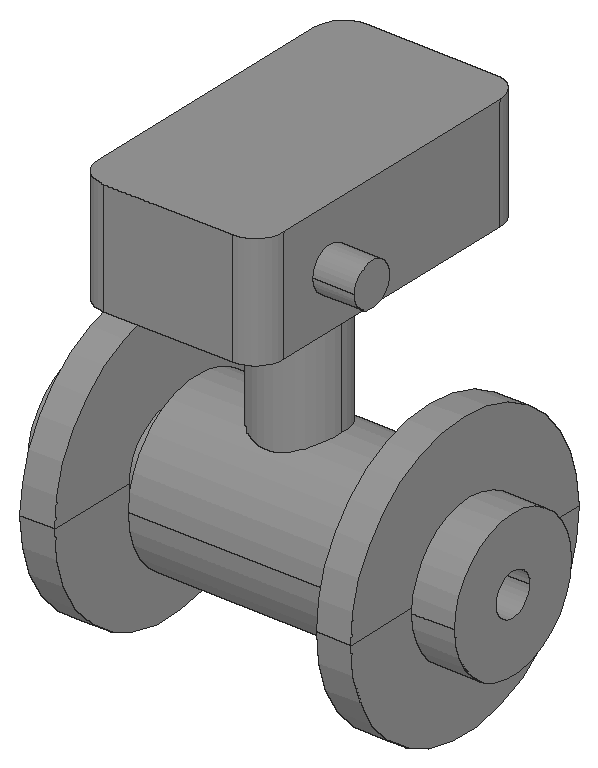
Revit family "ВИРС-М фланцевый DN15-200, PN25", category Арматура трубопроводов, Revit 2015
Parameters (values of type "Счётчик-расходомер электромагнитный (фланцевый) ВИРС-М DN15, PN25, серия 1000")
  Ширина привода = 65 mm  # constant formula
  Толщина фланца = if(DN = 15 mm, 12 mm, if(DN = 20 mm, 14 mm, if(DN = 25 mm, 16 mm, if(DN = 32 mm, 16 mm, if(DN = 40 mm, 17 mm, if(DN = 50 mm, 19 mm, if(DN = 65 mm, 21 mm, if(DN = 80 mm, 21 mm, if(DN = 100 mm, 23 mm, if(DN = 125 mm, 25 mm, if(DN = 150 mm, 25 mm, if(DN = 200 mm, 27 mm, if(DN = 250 mm, 28 mm, if(DN = 300 mm, 28 mm, 69 mm))))))))))))))  # 12 mm
  Толщина зеркала = if(DN < 33 mm, 2 mm, if(DN < 251 mm, 3 mm, if(DN < 350 mm, 4 mm, 69 mm)))  # 2 mm
  Тип, марка = Обозначение  # "ВИРС-М-15-Ф-25-55-232-1000-200"
  Степень защиты = if(Серия = 1000, "IP55", if(Серия = 2000, "IP55", if(Серия = 1100, "IP55", if(Серия = 2100, "IP55", if(Серия = 1300, "IP57", if(Серия = 2300, "IP57", if(Серия = 1500, "IP57", if(Серия = 2500, "IP57", "69"))))))))  # "IP55"
  Скругления привода = 20 mm  # constant formula
  Серия = if(Исполнение = 1, 1000, if(Исполнение = 2, 2000, if(Исполнение = 3, 1100, if(Исполнение = 4, 2100, if(Исполнение = 5, 1300, if(Исполнение = 6, 2300, if(Исполнение = 7, 1500, if(Исполнение = 8, 2500, 69))))))))  # 1000
  Расстояние до провода = 30 mm  # constant formula
  Потребляемая мощность = if(Серия = 1000, 4.5 W, if(Серия = 2000, 4.5 W, if(Серия = 1100, 4.5 W, if(Серия = 2100, 4.5 W, if(Серия = 1300, 4.5 W, if(Серия = 2300, 4.5 W, if(Серия = 1500, 7 W, if(Серия = 2500, 7 W, 69 W))))))))  # 4.5 W
  Description = ""
  Строительная длина = if(DN = 15 mm, 150 mm, if(DN = 20 mm, 150 mm, if(DN = 25 mm, 150 mm, if(DN = 32 mm, 200 mm, if(DN = 40 mm, 200 mm, if(DN = 50 mm, 200 mm, if(DN = 65 mm, 200 mm, if(DN = 80 mm, 250 mm, if(DN = 100 mm, 250 mm, if(DN = 150 mm, 300 mm, if(DN = 200 mm, 350 mm, 69 mm)))))))))))  # 150 mm
  Строительная высота = if(DN = 15 mm, 170 mm, if(DN = 20 mm, 180 mm, if(DN = 25 mm, 190 mm, if(DN = 32 mm, 210 mm, if(DN = 40 mm, 220 mm, if(DN = 50 mm, 230 mm, if(DN = 65 mm, 250 mm, if(DN = 80 mm, 260 mm, if(DN = 100 mm, 270 mm, if(DN = 150 mm, 375 mm, if(DN = 200 mm, 375 mm, 69 mm)))))))))))  # 170 mm
  Обозначение = "ВИРС-М-15-Ф-25-55-232-1000-200"
  Номинальное давление PN = if(Исполнение PN = 1, 1.6 MPa, if(Исполнение PN = 2, 2.5 MPa, 69.0 MPa))  # 2.5 MPa
  Наименование = "Счётчик-расходомер электромагнитный"  # constant formula
  Минимальный расход = if(and(Серия = 1000, DN = 15 mm), 0.01 m³/h, if(and(Серия = 1000, DN = 20 mm), 0.016 m³/h, if(and(Серия = 1000, DN = 25 mm), 0.025 m³/h, if(and(Серия = 1000, DN = 32 mm), 0.04 m³/h, if(and(Серия = 1000, DN = 40 mm), 0.06 m³/h, if(and(Серия = 1000, DN = 50 mm), 0.1 m³/h, if(and(Серия = 1000, DN = 65 mm), 0.16 m³/h, if(and(Серия = 1000, DN = 80 mm), 0.25 m³/h, if(and(Серия = 1000, DN = 100 mm), 0.4 m³/h, if(and(Серия = 1000, DN = 150 mm), 0.6 m³/h, if(and(Серия = 1000, DN = 200 mm), 1.0 m³/h, if(and(Серия = 1100, DN = 15 mm), 0.02 m³/h, if(and(Серия = 1100, DN = 20 mm), 0.032 m³/h, if(and(Серия = 1100, DN = 25 mm), 0.05 m³/h, if(and(Серия = 1100, DN = 32 mm), 0.08 m³/h, if(and(Серия = 1100, DN = 40 mm), 0.13 m³/h, if(and(Серия = 1100, DN = 50 mm), 0.2 m³/h, if(and(Серия = 1100, DN = 65 mm), 0.32 m³/h, if(and(Серия = 1100, DN = 80 mm), 0.5 m³/h, if(and(Серия = 1100, DN = 100 mm), 0.8 m³/h, if(and(Серия = 1100, DN = 150 mm), 1.3 m³/h, if(and(Серия = 1100, DN = 200 mm), 2.0 m³/h, if(and(Серия = 1300, DN = 15 mm), 0.05 m³/h, if(and(Серия = 1300, DN = 20 mm), 0.079 m³/h, if(and(Серия = 1300, DN = 25 mm), 0.13 m³/h, if(and(Серия = 1300, DN = 32 mm), 0.2 m³/h, if(and(Серия = 1300, DN = 40 mm), 0.31 m³/h, if(and(Серия = 1300, DN = 50 mm), 0.5 m³/h, if(and(Серия = 1300, DN = 65 mm), 0.79 m³/h, if(and(Серия = 1300, DN = 80 mm), 1.3 m³/h, if(and(Серия = 1300, DN = 100 mm), 2.0 m³/h, if(and(Серия = 1300, DN = 150 mm), 3.1 m³/h, if(and(Серия = 1300, DN = 200 mm), 5.0 m³/h, if(and(Серия = 1500, DN = 15 mm), 0.2 m³/h, if(and(Серия = 1500, DN = 20 mm), 0.3 m³/h, if(and(Серия = 1500, DN = 25 mm), 0.5 m³/h, if(and(Серия = 1500, DN = 32 mm), 0.8 m³/h, if(and(Серия = 1500, DN = 40 mm), 1.3 m³/h, if(and(Серия = 1500, DN = 50 mm), 2.0 m³/h, if(and(Серия = 1500, DN = 65 mm), 3.2 m³/h, if(and(Серия = 1500, DN = 80 mm), 5.0 m³/h, if(and(Серия = 1500, DN = 100 mm), 8.0 m³/h, if(and(Серия = 1500, DN = 150 mm), 13.0 m³/h, if(and(Серия = 1500, DN = 200 mm), 20.0 m³/h, if(and(Серия = 2000, DN = 15 mm), 0.013 m³/h, if(and(Серия = 2000, DN = 20 mm), 0.02 m³/h, if(and(Серия = 2000, DN = 25 mm), 0.03 m³/h, if(and(Серия = 2000, DN = 32 mm), 0.05 m³/h, if(and(Серия = 2000, DN = 40 mm), 0.08 m³/h, if(and(Серия = 2000, DN = 50 mm), 0.13 m³/h, if(and(Серия = 2000, DN = 65 mm), 0.2 m³/h, if(and(Серия = 2000, DN = 80 mm), 0.32 m³/h, if(and(Серия = 2000, DN = 100 mm), 0.5 m³/h, if(and(Серия = 2000, DN = 150 mm), 0.8 m³/h, if(and(Серия = 2000, DN = 200 mm), 1.3 m³/h, if(and(Серия = 2100, DN = 15 mm), 0.025 m³/h, if(and(Серия = 2100, DN = 20 mm), 0.04 m³/h, if(and(Серия = 2100, DN = 25 mm), 0.064 m³/h, if(and(Серия = 2100, DN = 32 mm), 0.1 m³/h, if(and(Серия = 2100, DN = 40 mm), 0.16 m³/h, if(and(Серия = 2100, DN = 50 mm), 0.25 m³/h, if(and(Серия = 2100, DN = 65 mm), 0.4 m³/h, if(and(Серия = 2100, DN = 80 mm), 0.64 m³/h, if(and(Серия = 2100, DN = 100 mm), 1.0 m³/h, if(and(Серия = 2100, DN = 150 mm), 1.6 m³/h, if(and(Серия = 2100, DN = 200 mm), 2.5 m³/h, if(and(Серия = 2300, DN = 15 mm), 0.063 m³/h, if(and(Серия = 2300, DN = 20 mm), 0.1 m³/h, if(and(Серия = 2300, DN = 25 mm), 0.16 m³/h, if(and(Серия = 2300, DN = 32 mm), 0.25 m³/h, if(and(Серия = 2300, DN = 40 mm), 0.4 m³/h, if(and(Серия = 2300, DN = 50 mm), 0.63 m³/h, if(and(Серия = 2300, DN = 65 mm), 1.0 m³/h, if(and(Серия = 2300, DN = 80 mm), 1.6 m³/h, if(and(Серия = 2300, DN = 100 mm), 2.5 m³/h, if(and(Серия = 2300, DN = 150 mm), 4.0 m³/h, if(and(Серия = 2300, DN = 200 mm), 6.3 m³/h, if(and(Серия = 2500, DN = 15 mm), 0.25 m³/h, if(and(Серия = 2500, DN = 20 mm), 0.4 m³/h, if(and(Серия = 2500, DN = 25 mm), 0.64 m³/h, if(and(Серия = 2500, DN = 32 mm), 1.0 m³/h, if(and(Серия = 2500, DN = 40 mm), 1.6 m³/h, if(and(Серия = 2500, DN = 50 mm), 2.5 m³/h, if(and(Серия = 2500, DN = 65 mm), 4.0 m³/h, if(and(Серия = 2500, DN = 80 mm), 6.4 m³/h, if(and(Серия = 2500, DN = 100 mm), 10.0 m³/h, if(and(Серия = 2500, DN = 150 mm), 16.0 m³/h, if(and(Серия = 2500, DN = 200 mm), 25.0 m³/h, 69.0 m³/h))))))))))))))))))))))))))))))))))))))))))))))))))))))))))))))))))))))))))))))))))))))))  # 0.01 m³/h
  Материал и цвет привода ППР = Пластик, серый
  Материал и цвет ППР = Сталь, белый
  Масса = if(DN = 15 mm, 3.10 kg, if(DN = 20 mm, 3.20 kg, if(DN = 25 mm, 3.60 kg, if(DN = 32 mm, 4.20 kg, if(DN = 40 mm, 5.30 kg, if(DN = 50 mm, 6.80 kg, if(DN = 65 mm, 11.00 kg, if(DN = 80 mm, 14.00 kg, if(DN = 100 mm, 18.00 kg, if(DN = 125 mm, 55.00 kg, if(DN = 150 mm, 31.00 kg, if(DN = 200 mm, 34.00 kg, if(DN = 250 mm, 230.00 kg, if(DN = 300 mm, 360.00 kg, 69.00 kg))))))))))))))  # 3.10 kg
  Максимальный расход = if(and(Серия = 1000, DN = 15 mm), 5.0 m³/h, if(and(Серия = 1000, DN = 20 mm), 7.9 m³/h, if(and(Серия = 1000, DN = 25 mm), 12.5 m³/h, if(and(Серия = 1000, DN = 32 mm), 20.0 m³/h, if(and(Серия = 1000, DN = 40 mm), 31.3 m³/h, if(and(Серия = 1000, DN = 50 mm), 50.0 m³/h, if(and(Серия = 1000, DN = 65 mm), 78.8 m³/h, if(and(Серия = 1000, DN = 80 mm), 125.0 m³/h, if(and(Серия = 1000, DN = 100 mm), 200.0 m³/h, if(and(Серия = 1000, DN = 150 mm), 312.5 m³/h, if(and(Серия = 1000, DN = 200 mm), 500.0 m³/h, if(and(Серия = 1100, DN = 15 mm), 5.0 m³/h, if(and(Серия = 1100, DN = 20 mm), 7.9 m³/h, if(and(Серия = 1100, DN = 25 mm), 12.5 m³/h, if(and(Серия = 1100, DN = 32 mm), 20.0 m³/h, if(and(Серия = 1100, DN = 40 mm), 31.3 m³/h, if(and(Серия = 1100, DN = 50 mm), 50.0 m³/h, if(and(Серия = 1100, DN = 65 mm), 78.8 m³/h, if(and(Серия = 1100, DN = 80 mm), 125.0 m³/h, if(and(Серия = 1100, DN = 100 mm), 200.0 m³/h, if(and(Серия = 1100, DN = 150 mm), 312.5 m³/h, if(and(Серия = 1100, DN = 200 mm), 500.0 m³/h, if(and(Серия = 1300, DN = 15 mm), 5.0 m³/h, if(and(Серия = 1300, DN = 20 mm), 7.9 m³/h, if(and(Серия = 1300, DN = 25 mm), 12.5 m³/h, if(and(Серия = 1300, DN = 32 mm), 20.0 m³/h, if(and(Серия = 1300, DN = 40 mm), 31.3 m³/h, if(and(Серия = 1300, DN = 50 mm), 50.0 m³/h, if(and(Серия = 1300, DN = 65 mm), 78.8 m³/h, if(and(Серия = 1300, DN = 80 mm), 125.0 m³/h, if(and(Серия = 1300, DN = 100 mm), 200.0 m³/h, if(and(Серия = 1300, DN = 150 mm), 312.5 m³/h, if(and(Серия = 1300, DN = 200 mm), 500.0 m³/h, if(and(Серия = 1500, DN = 15 mm), 5.0 m³/h, if(and(Серия = 1500, DN = 20 mm), 7.9 m³/h, if(and(Серия = 1500, DN = 25 mm), 12.5 m³/h, if(and(Серия = 1500, DN = 32 mm), 20.0 m³/h, if(and(Серия = 1500, DN = 40 mm), 31.3 m³/h, if(and(Серия = 1500, DN = 50 mm), 50.0 m³/h, if(and(Серия = 1500, DN = 65 mm), 78.8 m³/h, if(and(Серия = 1500, DN = 80 mm), 125.0 m³/h, if(and(Серия = 1500, DN = 100 mm), 200.0 m³/h, if(and(Серия = 1500, DN = 150 mm), 312.5 m³/h, if(and(Серия = 1500, DN = 200 mm), 500.0 m³/h, if(and(Серия = 2000, DN = 15 mm), 6.3 m³/h, if(and(Серия = 2000, DN = 20 mm), 10.0 m³/h, if(and(Серия = 2000, DN = 25 mm), 16.0 m³/h, if(and(Серия = 2000, DN = 32 mm), 25.0 m³/h, if(and(Серия = 2000, DN = 40 mm), 40.0 m³/h, if(and(Серия = 2000, DN = 50 mm), 63.0 m³/h, if(and(Серия = 2000, DN = 65 mm), 100.0 m³/h, if(and(Серия = 2000, DN = 80 mm), 160.0 m³/h, if(and(Серия = 2000, DN = 100 mm), 250.0 m³/h, if(and(Серия = 2000, DN = 150 mm), 400.0 m³/h, if(and(Серия = 2000, DN = 200 mm), 630.0 m³/h, if(and(Серия = 2100, DN = 15 mm), 6.3 m³/h, if(and(Серия = 2100, DN = 20 mm), 10.0 m³/h, if(and(Серия = 2100, DN = 25 mm), 16.0 m³/h, if(and(Серия = 2100, DN = 32 mm), 25.0 m³/h, if(and(Серия = 2100, DN = 40 mm), 40.0 m³/h, if(and(Серия = 2100, DN = 50 mm), 63.0 m³/h, if(and(Серия = 2100, DN = 65 mm), 100.0 m³/h, if(and(Серия = 2100, DN = 80 mm), 160.0 m³/h, if(and(Серия = 2100, DN = 100 mm), 250.0 m³/h, if(and(Серия = 2100, DN = 150 mm), 400.0 m³/h, if(and(Серия = 2100, DN = 200 mm), 630.0 m³/h, if(and(Серия = 2300, DN = 15 mm), 6.3 m³/h, if(and(Серия = 2300, DN = 20 mm), 10.0 m³/h, if(and(Серия = 2300, DN = 25 mm), 16.0 m³/h, if(and(Серия = 2300, DN = 32 mm), 25.0 m³/h, if(and(Серия = 2300, DN = 40 mm), 40.0 m³/h, if(and(Серия = 2300, DN = 50 mm), 63.0 m³/h, if(and(Серия = 2300, DN = 65 mm), 100.0 m³/h, if(and(Серия = 2300, DN = 80 mm), 160.0 m³/h, if(and(Серия = 2300, DN = 100 mm), 250.0 m³/h, if(and(Серия = 2300, DN = 150 mm), 400.0 m³/h, if(and(Серия = 2300, DN = 200 mm), 630.0 m³/h, if(and(Серия = 2500, DN = 15 mm), 6.3 m³/h, if(and(Серия = 2500, DN = 20 mm), 10.0 m³/h, if(and(Серия = 2500, DN = 25 mm), 16.0 m³/h, if(and(Серия = 2500, DN = 32 mm), 25.0 m³/h, if(and(Серия = 2500, DN = 40 mm), 40.0 m³/h, if(and(Серия = 2500, DN = 50 mm), 63.0 m³/h, if(and(Серия = 2500, DN = 65 mm), 100.0 m³/h, if(and(Серия = 2500, DN = 80 mm), 160.0 m³/h, if(and(Серия = 2500, DN = 100 mm), 250.0 m³/h, if(and(Серия = 2500, DN = 150 mm), 400.0 m³/h, if(and(Серия = 2500, DN = 200 mm), 630.0 m³/h, 69.0 m³/h))))))))))))))))))))))))))))))))))))))))))))))))))))))))))))))))))))))))))))))))))))))))  # 5.0 m³/h
  Максимальная температура среды = if(Серия = 1000, 150 °C, if(Серия = 2000, 150 °C, if(Серия = 1100, 150 °C, if(Серия = 2100, 150 °C, if(Серия = 1300, 90 °C, if(Серия = 2300, 90 °C, if(Серия = 1500, 90 °C, if(Серия = 2500, 90 °C, 69 °C))))))))  # 150 °C
  Класс точности = if(Серия = 1000, 2, if(Серия = 2000, 2, if(Серия = 1100, 1, if(Серия = 2100, 1, if(Серия = 1300, 0.5, if(Серия = 2300, 0.5, if(Серия = 1500, 0.25, if(Серия = 2500, 0.25, 69))))))))  # 2
  Исполнение PN = 2
  Исполнение = 1
  Интерфес (основной) = "RS 232"  # constant formula
  Изготовитель = "ООО \"ВОГЕЗЭНЕРГО\""
  Длина присоединения провода = 15 mm  # constant formula
  Длина по фланцам = Строительная длина - 30 mm  # 120 mm
  Материал и цвет остальных элементов = Сталь, неокрашенная
  Длина привода = 115 mm  # constant formula
  Длина корпуса = Длина по фланцам - 2 * Толщина зеркала - Толщина фланца * 2 - 20 mm  # 72 mm
  Диаметр штока = 30 mm  # constant formula
  Радиус фланца = Диаметр фланца / 2  # 50 mm
  Диаметр фланца = if(DN = 15 mm, 100 mm, if(DN = 20 mm, 110 mm, if(DN = 25 mm, 120 mm, if(DN = 32 mm, 135 mm, if(DN = 40 mm, 145 mm, if(DN = 50 mm, 160 mm, if(DN = 65 mm, 180 mm, if(DN = 80 mm, 195 mm, if(DN = 100 mm, 215 mm, if(DN = 125 mm, 245 mm, if(DN = 150 mm, 280 mm, if(DN = 200 mm, 335 mm, if(DN = 250 mm, 405 mm, if(DN = 300 mm, 460 mm, 69 mm))))))))))))))  # 100 mm
  Радиус условный = DN / 2  # 7.5 mm
  Диаметр условный DN = DN  # 15 mm
  Выходной сигнал = if(Серия = 1000, "числоимпульсный", if(Серия = 2000, "числоимпульсный", if(Серия = 1100, "числоимпульсный", if(Серия = 2100, "числоимпульсный", if(Серия = 1300, "частотный", if(Серия = 2300, "частотный", if(Серия = 1500, "частотный", if(Серия = 2500, "частотный", "69"))))))))  # "числоимпульсный"
  URL = "http://vogez.by/"
  DN = 15 mm
  Диаметр подключение провода = 15 mm  # constant formula
  Диаметр патрубка = DN + 20 mm  # 35 mm
  Диаметр корпуса = Диаметр фланца - 40 mm  # 60 mm
  Диаметр зеркала_2 = Диаметр зеркала / 2 - 5 mm  # 20.5 mm
  Диаметр зеркала = if(DN = 15 mm, 51 mm, if(DN = 20 mm, 60 mm, if(DN = 25 mm, 71 mm, if(DN = 32 mm, 82 mm, if(DN = 40 mm, 92 mm, if(DN = 50 mm, 107 mm, if(DN = 65 mm, 127 mm, if(DN = 80 mm, 139 mm, if(DN = 100 mm, 162 mm, if(DN = 125 mm, 190 mm, if(DN = 150 mm, 218 mm, if(DN = 200 mm, 274 mm, if(DN = 250 mm, 326 mm, if(DN = 300 mm, 378 mm, 69 mm))))))))))))))  # 51 mm
  Высота с приводом = Строительная высота - Радиус фланца  # 120 mm
  Высота основания привода = Высота с приводом - 40 mm  # 80 mm
  Видимость клапана = yes
Reference planes
  plane 1 "По центру (Вперед/Назад)": y = 0
  plane 2: z = 0
  plane 3 "По центру (Влево/Вправо)": x = 0
  plane 4: x = -60
  plane 5: x = 60
  plane 6: z = 80
  plane 7: z = 120
  plane 8: x = -32.5
  plane 9: x = 32.5
  plane 10: x = -32.5
  plane 11: x = 32.5
  plane 12: x = -75
  plane 13: x = 75
  plane 14: y = 57.5
  plane 15: y = -57.5
  plane 16: x = -36
  plane 17: x = 36
  plane 18: x = 47.5
  plane 19: z = 50
  plane 20: z = -50
Forms (mm)
  Revolve 1, solid, material "Сталь, белый" <- "Материал и цвет ППР", visible <- "Видимость клапана", detail levels fine
    sketch origin (0, 0, 0) x (1, 0, 0) y (0, 1, 0)
      loop
        line (-60, 20.5) -> (-60, 7.5) -> (-46, 7.5) -> (-46, 50) -> (-58, 50) -> (-58, 20.5) -> (-60, 20.5)
      loop
        line (60, 20.5) -> (58, 20.5) -> (58, 50) -> (46, 50) -> (46, 7.5) -> (60, 7.5) -> (60, 20.5)
      axis (-60, 0) -> (60, 0)
    angle from 0 to 360
  Extrusion 2, solid, material "Сталь, белый" <- "Материал и цвет ППР", visible <- "Видимость клапана", detail levels fine
    sketch origin (0, 0, 0) x (0, 1, 0) y (0, 0, 1)
      loop
        circle (0, 0) r 17.5
    from -46 to 46
  Extrusion 3, solid, material "Сталь, неокрашенная" <- "Материал и цвет остальных элементов", visible <- "Видимость клапана", detail levels fine
    sketch origin (0, 0, 0) x (0, 1, 0) y (0, 0, -1)
      loop
        circle (0, 0) r 25.5
      loop
        circle (0, 0) r 7.5
    from 60 to 75
  Extrusion 4, solid, material "Сталь, неокрашенная" <- "Материал и цвет остальных элементов", visible <- "Видимость клапана", detail levels fine
    sketch origin (0, 0, 0) x (0, 1, 0) y (0, 0, 1)
      loop
        circle (0, 0) r 25.5
      loop
        circle (0, 0) r 7.5
    from 60 to 75
  Extrusion 5, solid, material "Сталь, белый" <- "Материал и цвет ППР", visible <- "Видимость клапана", detail levels fine
    sketch origin (0, 0, 72) x (1, 0, 0) y (0, 1, 0)
      loop
        circle (0, 0) r 15
    from -72 to 8
  Extrusion 6, solid, material "Сталь, белый" <- "Материал и цвет ППР", visible <- "Видимость клапана", detail levels fine
    sketch origin (0, 0, 0) x (0, 1, 0) y (0, 0, 1)
      loop
        circle (0, 0) r 30
    from -36 to 36
  Extrusion 7, solid, material "Пластик, серый" <- "Материал и цвет привода ППР", visible <- "Видимость клапана", detail levels fine
    sketch origin (0, 0, 72) x (1, 0, 0) y (0, 1, 0)
      loop
        arc (-22.5, 57.5) -> (-29.571, 54.571) -> (-32.5, 47.5) r 10
        line (-32.5, 47.5) -> (-32.5, -47.5)
        arc (-32.5, -47.5) -> (-29.571, -54.571) -> (-22.5, -57.5) r 10
        line (-22.5, -57.5) -> (22.5, -57.5)
        arc (22.5, -57.5) -> (29.571, -54.571) -> (32.5, -47.5) r 10
        line (32.5, -47.5) -> (32.5, 47.5)
        arc (32.5, 47.5) -> (29.571, 54.571) -> (22.5, 57.5) r 10
        line (22.5, 57.5) -> (-22.5, 57.5)
    from 8 to 48
  Extrusion 8, solid, material "Пластик, серый" <- "Материал и цвет привода ППР", visible <- "Видимость клапана", detail levels fine
    sketch origin (0, 0, 0) x (0, 1, 0) y (0, 0, 1)
      loop
        circle (-27.5, 100) r 7.5
    from 32.5 to 47.5
Cuts and joins
  joined: Revolve 1, Extrusion 2, Extrusion 5, Extrusion 6
Lines and regions (mm)
  model lines, visible <- "Видимость клапана", detail levels coarse+medium
    curve 1: line (75, 0, 50) -> (-75, 0, 50)
    curve 2: line (75, 0, -50) -> (75, 0, 50)
    curve 3: line (-75, 0, -50) -> (75, 0, -50)
    curve 4: line (-75, 0, 50) -> (-75, 0, -50)
    curve 5: line (75, 0, -50) -> (-75, 0, 50)
Dimensions and locks
  equal spacing: plane 4, plane 3 "По центру (Влево/Вправо)", plane 5
  "Длина по фланцам": plane 4 to plane 5
  "Толщина зеркала": Revolve 1 sketch curve to Revolve 1 sketch curve  (x2)
  "Толщина фланца": Revolve 1 sketch curve to Revolve 1 sketch curve  (x2)
  "Радиус фланца": plane 1 "По центру (Вперед/Назад)" to Revolve 1 sketch curve  (x2)
  "Диаметр зеркала_2": plane 1 "По центру (Вперед/Назад)" to Revolve 1 sketch curve  (x2)
  "Радиус условный": plane 1 "По центру (Вперед/Назад)" to Revolve 1 sketch curve  (x2)
  "Высота основания привода": level to plane 6
  "Высота с приводом": level to plane 7
  equal spacing: plane 8, plane 3 "По центру (Влево/Вправо)", plane 9
  "Ширина привода": plane 8 to plane 9
  equal spacing: plane 12, plane 3 "По центру (Влево/Вправо)", plane 13
  "Строительная длина": plane 12 to plane 13
  equal spacing: plane 14, plane 1 "По центру (Вперед/Назад)", plane 15
  "Длина привода": plane 14 to plane 15
  equal spacing: plane 16, plane 3 "По центру (Влево/Вправо)", plane 17
  "Длина корпуса": plane 16 to plane 17
  equal spacing: plane 7, Extrusion 8 sketch curve, plane 6
  "Расстояние до провода": plane 15 to Extrusion 8 sketch curve
  "Длина присоединения провода": plane 11 to plane 18
  equal spacing: plane 20, level, plane 19
  "Диаметр фланца": plane 20 to plane 19
  "Диаметр патрубка": diameter of Extrusion 2 sketch curve
  "Диаметр зеркала": diameter of Extrusion 3 sketch curve
  "DN": diameter of Extrusion 3 sketch curve
  "Диаметр зеркала": diameter of Extrusion 4 sketch curve
  "DN": diameter of Extrusion 4 sketch curve
  "Диаметр штока": diameter of Extrusion 5 sketch curve
  "Диаметр корпуса": diameter of Extrusion 6 sketch curve
  "Скругления привода": diameter of Extrusion 7 sketch curve  (x4)
  "Диаметр подключение провода": diameter of Extrusion 8 sketch curve
  aligned and locked: level to plane 2
  aligned and locked: plane 4 to Revolve 1 sketch curve
  aligned and locked: plane 5 to Revolve 1 sketch curve
  aligned and locked: plane 1 "По центру (Вперед/Назад)" to Revolve 1 sketch curve
  aligned and locked: Revolve 1 to Extrusion 2
  aligned and locked: Extrusion 3 to plane 12
  aligned and locked: plane 4 to Extrusion 3
  aligned and locked: plane 13 to Extrusion 4
  aligned and locked: Extrusion 4 to plane 5
  aligned and locked: Extrusion 5 to level
  aligned and locked: plane 6 to Extrusion 5
  aligned and locked: plane 17 to Extrusion 6
  aligned and locked: Extrusion 6 to plane 16
  aligned and locked: Extrusion 7 to plane 8
  aligned and locked: plane 9 to Extrusion 7
  aligned and locked: plane 14 to Extrusion 7
  aligned and locked: Extrusion 7 to plane 15
  aligned and locked: plane 7 to Extrusion 7
  aligned and locked: Extrusion 7 to plane 6
  aligned and locked: Extrusion 8 to plane 9
  aligned and locked: Extrusion 8 to plane 18
  aligned and locked: Extrusion 2 to Revolve 1
Automatic sketch dimensions
  curve 5 to plane 12 = 0 mm
  curve 5 to plane 13 = 0 mm
  curve 3 to plane 20 = 0 mm
  curve 4 to plane 19 = 0 mm
  Revolve 1 sketch curve to plane 4 = 0 mm
  Revolve 1 sketch curve to plane 5 = 0 mm
  Extrusion 2 sketch curve to level = 0 mm
  Extrusion 2 sketch curve to plane 1 "По центру (Вперед/Назад)" = 0 mm
  Extrusion 3 sketch curve to Extrusion 3 sketch curve = 0 mm  (x2)
  Extrusion 3 sketch curve to level = 0 mm
  Extrusion 3 sketch curve to plane 1 "По центру (Вперед/Назад)" = 0 mm
  Extrusion 4 sketch curve to Extrusion 4 sketch curve = 0 mm  (x2)
  Extrusion 4 sketch curve to level = 0 mm
  Extrusion 4 sketch curve to plane 1 "По центру (Вперед/Назад)" = 0 mm
  plane 1 "По центру (Вперед/Назад)" to Extrusion 5 sketch curve = 0 mm
  Extrusion 5 sketch curve to plane 3 "По центру (Влево/Вправо)" = 0 mm
  Extrusion 6 sketch curve to level = 0 mm
  Extrusion 6 sketch curve to plane 1 "По центру (Вперед/Назад)" = 0 mm
  Extrusion 7 sketch curve to plane 8 = 0 mm
  Extrusion 7 sketch curve to plane 15 = 0 mm
  Extrusion 7 sketch curve to plane 14 = 0 mm
  Extrusion 7 sketch curve to plane 9 = 0 mm
Connectors
  piping at (75, 0, 0), diameter 15, driven by "DN"
    settings: on Extrusion 4, index 1, connector inside diameter 609.6 mm, connector length 0 mm, flow factor 0, pipe flow 0.0 m³/h, pressure drop 0.0 MPa, fitting loss kfactor 0, connector angle 0.00°, fixture units 0, engagement length 0 mm, angle of deflection 0.00°, flow configuration 0, flow direction 2, fitting loss method 0, system type 29, joint type 0, gender type 0, connector reference index 2, connector utility 0, adjustable connector no, is connector primary yes, connector description ""
  piping at (-75, 0, 0), diameter 15, driven by "DN"
    settings: on Extrusion 3, index 2, connector inside diameter 609.6 mm, connector length 0 mm, flow factor 0, pipe flow 0.0 m³/h, pressure drop 0.0 MPa, fitting loss kfactor 0, connector angle 0.00°, fixture units 0, engagement length 0 mm, angle of deflection 0.00°, flow configuration 0, flow direction 1, fitting loss method 0, system type 29, joint type 0, gender type 0, connector reference index 1, connector utility 0, adjustable connector no, is connector primary no, connector description ""
  electrical at (47.5, -27.5, 100)
    settings: on Extrusion 8, index 3, voltage 0 V, apparent load 0 VA, apparent load phase1 0 VA, apparent load phase2 0 VA, apparent load phase3 0 VA, power factor 1, load classification "Прочее", number of poles 1, system type 13, power factor state 1, is connector primary yes, connector utility no, sub classification motor no, connector description ""
Types (89, lengths in mm): name | Толщина фланца | Толщина зеркала | Тип, марка | Степень защиты | Серия | Потребляемая мощность | Строительная длина | Строительная высота | Обозначение | Минимальный расход | Масса | Максимальный расход | Максимальная температура среды | Класс точности | Исполнение | Длина по фланцам | Длина корпуса | Радиус фланца | Диаметр фланца | Радиус условный | Диаметр условный DN | Выходной сигнал | DN | Диаметр патрубка | Диаметр корпуса | Диаметр зеркала_2 | Диаметр зеркала | Высота с приводом | Высота основания привода
  (no name) | 12 | 2 | "ВИРС-М-15-Ф-25-55-232-1000-200" | "IP55" | 1000 | 4.5 W | 150 | 170 | "ВИРС-М-15-Ф-25-55-232-1000-200" | 0.01 m³/h | 3.10 kg | 5.0 m³/h | 150 °C | 2 | 1 | 120 | 72 | 50 | 100 | 7.5 | 15 | "числоимпульсный" | 15 | 35 | 60 | 20.5 | 51 | 120 | 80
  Счётчик-расходомер электромагнитный (фланцевый) ВИРС-М DN15, PN25, серия 1000 | 12 | 2 | "ВИРС-М-15-Ф-25-55-232-1000-200" | "IP55" | 1000 | 4.5 W | 150 | 170 | "ВИРС-М-15-Ф-25-55-232-1000-200" | 0.01 m³/h | 3.10 kg | 5.0 m³/h | 150 °C | 2 | 1 | 120 | 72 | 50 | 100 | 7.5 | 15 | "числоимпульсный" | 15 | 35 | 60 | 20.5 | 51 | 120 | 80
  Счётчик-расходомер электромагнитный (фланцевый) ВИРС-М DN15, PN25, серия 2000 | 12 | 2 | "ВИРС-М-15-Ф-25-55-232-2000-200" | "IP55" | 2000 | 4.5 W | 150 | 170 | "ВИРС-М-15-Ф-25-55-232-2000-200" | 0.013 m³/h | 3.10 kg | 6.3 m³/h | 150 °C | 2 | 2 | 120 | 72 | 50 | 100 | 7.5 | 15 | "числоимпульсный" | 15 | 35 | 60 | 20.5 | 51 | 120 | 80
  Счётчик-расходомер электромагнитный (фланцевый) ВИРС-М DN15, PN25, серия 1100 | 12 | 2 | "ВИРС-М-15-Ф-25-55-232-1100-100" | "IP55" | 1100 | 4.5 W | 150 | 170 | "ВИРС-М-15-Ф-25-55-232-1100-100" | 0.02 m³/h | 3.10 kg | 5.0 m³/h | 150 °C | 1 | 3 | 120 | 72 | 50 | 100 | 7.5 | 15 | "числоимпульсный" | 15 | 35 | 60 | 20.5 | 51 | 120 | 80
  Счётчик-расходомер электромагнитный (фланцевый) ВИРС-М DN15, PN25, серия 2100 | 12 | 2 | "ВИРС-М-15-Ф-25-55-232-2100-100" | "IP55" | 2100 | 4.5 W | 150 | 170 | "ВИРС-М-15-Ф-25-55-232-2100-100" | 0.025 m³/h | 3.10 kg | 6.3 m³/h | 150 °C | 1 | 4 | 120 | 72 | 50 | 100 | 7.5 | 15 | "числоимпульсный" | 15 | 35 | 60 | 20.5 | 51 | 120 | 80
  Счётчик-расходомер электромагнитный (фланцевый) ВИРС-М DN15, PN25, серия 1300 | 12 | 2 | "ВИРС-М-15-Ф-25-57-232-1300-050" | "IP57" | 1300 | 4.5 W | 150 | 170 | "ВИРС-М-15-Ф-25-57-232-1300-050" | 0.05 m³/h | 3.10 kg | 5.0 m³/h | 90 °C | 0.5 | 5 | 120 | 72 | 50 | 100 | 7.5 | 15 | "частотный" | 15 | 35 | 60 | 20.5 | 51 | 120 | 80
  Счётчик-расходомер электромагнитный (фланцевый) ВИРС-М DN15, PN25, серия 2300 | 12 | 2 | "ВИРС-М-15-Ф-25-57-232-2300-050" | "IP57" | 2300 | 4.5 W | 150 | 170 | "ВИРС-М-15-Ф-25-57-232-2300-050" | 0.063 m³/h | 3.10 kg | 6.3 m³/h | 90 °C | 0.5 | 6 | 120 | 72 | 50 | 100 | 7.5 | 15 | "частотный" | 15 | 35 | 60 | 20.5 | 51 | 120 | 80
  Счётчик-расходомер электромагнитный (фланцевый) ВИРС-М DN15, PN25, серия 1500 | 12 | 2 | "ВИРС-М-15-Ф-25-57-232-1500-025" | "IP57" | 1500 | 7 W | 150 | 170 | "ВИРС-М-15-Ф-25-57-232-1500-025" | 0.2 m³/h | 3.10 kg | 5.0 m³/h | 90 °C | 0.25 | 7 | 120 | 72 | 50 | 100 | 7.5 | 15 | "частотный" | 15 | 35 | 60 | 20.5 | 51 | 120 | 80
  Счётчик-расходомер электромагнитный (фланцевый) ВИРС-М DN15, PN25, серия 2500 | 12 | 2 | "ВИРС-М-15-Ф-25-57-232-2500-025" | "IP57" | 2500 | 7 W | 150 | 170 | "ВИРС-М-15-Ф-25-57-232-2500-025" | 0.25 m³/h | 3.10 kg | 6.3 m³/h | 90 °C | 0.25 | 8 | 120 | 72 | 50 | 100 | 7.5 | 15 | "частотный" | 15 | 35 | 60 | 20.5 | 51 | 120 | 80
  Счётчик-расходомер электромагнитный (фланцевый) ВИРС-М DN20, PN25, серия 1000 | 14 | 2 | "ВИРС-М-20-Ф-25-55-232-1000-200" | "IP55" | 1000 | 4.5 W | 150 | 180 | "ВИРС-М-20-Ф-25-55-232-1000-200" | 0.016 m³/h | 3.20 kg | 7.9 m³/h | 150 °C | 2 | 1 | 120 | 68 | 55 | 110 | 10 | 20 | "числоимпульсный" | 20 | 40 | 70 | 25 | 60 | 125 | 85
  Счётчик-расходомер электромагнитный (фланцевый) ВИРС-М DN20, PN25, серия 1100 | 14 | 2 | "ВИРС-М-20-Ф-25-55-232-1100-100" | "IP55" | 1100 | 4.5 W | 150 | 180 | "ВИРС-М-20-Ф-25-55-232-1100-100" | 0.032 m³/h | 3.20 kg | 7.9 m³/h | 150 °C | 1 | 3 | 120 | 68 | 55 | 110 | 10 | 20 | "числоимпульсный" | 20 | 40 | 70 | 25 | 60 | 125 | 85
  Счётчик-расходомер электромагнитный (фланцевый) ВИРС-М DN20, PN25, серия 1300 | 14 | 2 | "ВИРС-М-20-Ф-25-57-232-1300-050" | "IP57" | 1300 | 4.5 W | 150 | 180 | "ВИРС-М-20-Ф-25-57-232-1300-050" | 0.079 m³/h | 3.20 kg | 7.9 m³/h | 90 °C | 0.5 | 5 | 120 | 68 | 55 | 110 | 10 | 20 | "частотный" | 20 | 40 | 70 | 25 | 60 | 125 | 85
  Счётчик-расходомер электромагнитный (фланцевый) ВИРС-М DN20, PN25, серия 1500 | 14 | 2 | "ВИРС-М-20-Ф-25-57-232-1500-025" | "IP57" | 1500 | 7 W | 150 | 180 | "ВИРС-М-20-Ф-25-57-232-1500-025" | 0.3 m³/h | 3.20 kg | 7.9 m³/h | 90 °C | 0.25 | 7 | 120 | 68 | 55 | 110 | 10 | 20 | "частотный" | 20 | 40 | 70 | 25 | 60 | 125 | 85
  Счётчик-расходомер электромагнитный (фланцевый) ВИРС-М DN20, PN25, серия 2000 | 14 | 2 | "ВИРС-М-20-Ф-25-55-232-2000-200" | "IP55" | 2000 | 4.5 W | 150 | 180 | "ВИРС-М-20-Ф-25-55-232-2000-200" | 0.02 m³/h | 3.20 kg | 10.0 m³/h | 150 °C | 2 | 2 | 120 | 68 | 55 | 110 | 10 | 20 | "числоимпульсный" | 20 | 40 | 70 | 25 | 60 | 125 | 85
  Счётчик-расходомер электромагнитный (фланцевый) ВИРС-М DN20, PN25, серия 2100 | 14 | 2 | "ВИРС-М-20-Ф-25-55-232-2100-100" | "IP55" | 2100 | 4.5 W | 150 | 180 | "ВИРС-М-20-Ф-25-55-232-2100-100" | 0.04 m³/h | 3.20 kg | 10.0 m³/h | 150 °C | 1 | 4 | 120 | 68 | 55 | 110 | 10 | 20 | "числоимпульсный" | 20 | 40 | 70 | 25 | 60 | 125 | 85
  Счётчик-расходомер электромагнитный (фланцевый) ВИРС-М DN20, PN25, серия 2300 | 14 | 2 | "ВИРС-М-20-Ф-25-57-232-2300-050" | "IP57" | 2300 | 4.5 W | 150 | 180 | "ВИРС-М-20-Ф-25-57-232-2300-050" | 0.1 m³/h | 3.20 kg | 10.0 m³/h | 90 °C | 0.5 | 6 | 120 | 68 | 55 | 110 | 10 | 20 | "частотный" | 20 | 40 | 70 | 25 | 60 | 125 | 85
  Счётчик-расходомер электромагнитный (фланцевый) ВИРС-М DN20, PN25, серия 2500 | 14 | 2 | "ВИРС-М-20-Ф-25-57-232-2500-025" | "IP57" | 2500 | 7 W | 150 | 180 | "ВИРС-М-20-Ф-25-57-232-2500-025" | 0.4 m³/h | 3.20 kg | 10.0 m³/h | 90 °C | 0.25 | 8 | 120 | 68 | 55 | 110 | 10 | 20 | "частотный" | 20 | 40 | 70 | 25 | 60 | 125 | 85
  Счётчик-расходомер электромагнитный (фланцевый) ВИРС-М DN25, PN25, серия 1000 | 16 | 2 | "ВИРС-М-25-Ф-25-55-232-1000-200" | "IP55" | 1000 | 4.5 W | 150 | 190 | "ВИРС-М-25-Ф-25-55-232-1000-200" | 0.025 m³/h | 3.60 kg | 12.5 m³/h | 150 °C | 2 | 1 | 120 | 64 | 60 | 120 | 12.5 | 25 | "числоимпульсный" | 25 | 45 | 80 | 30.5 | 71 | 130 | 90
  Счётчик-расходомер электромагнитный (фланцевый) ВИРС-М DN25, PN25, серия 1100 | 16 | 2 | "ВИРС-М-25-Ф-25-55-232-1100-100" | "IP55" | 1100 | 4.5 W | 150 | 190 | "ВИРС-М-25-Ф-25-55-232-1100-100" | 0.05 m³/h | 3.60 kg | 12.5 m³/h | 150 °C | 1 | 3 | 120 | 64 | 60 | 120 | 12.5 | 25 | "числоимпульсный" | 25 | 45 | 80 | 30.5 | 71 | 130 | 90
  Счётчик-расходомер электромагнитный (фланцевый) ВИРС-М DN25, PN25, серия 1300 | 16 | 2 | "ВИРС-М-25-Ф-25-57-232-1300-050" | "IP57" | 1300 | 4.5 W | 150 | 190 | "ВИРС-М-25-Ф-25-57-232-1300-050" | 0.13 m³/h | 3.60 kg | 12.5 m³/h | 90 °C | 0.5 | 5 | 120 | 64 | 60 | 120 | 12.5 | 25 | "частотный" | 25 | 45 | 80 | 30.5 | 71 | 130 | 90
  Счётчик-расходомер электромагнитный (фланцевый) ВИРС-М DN25, PN25, серия 1500 | 16 | 2 | "ВИРС-М-25-Ф-25-57-232-1500-025" | "IP57" | 1500 | 7 W | 150 | 190 | "ВИРС-М-25-Ф-25-57-232-1500-025" | 0.5 m³/h | 3.60 kg | 12.5 m³/h | 90 °C | 0.25 | 7 | 120 | 64 | 60 | 120 | 12.5 | 25 | "частотный" | 25 | 45 | 80 | 30.5 | 71 | 130 | 90
  Счётчик-расходомер электромагнитный (фланцевый) ВИРС-М DN25, PN25, серия 2000 | 16 | 2 | "ВИРС-М-25-Ф-25-55-232-2000-200" | "IP55" | 2000 | 4.5 W | 150 | 190 | "ВИРС-М-25-Ф-25-55-232-2000-200" | 0.03 m³/h | 3.60 kg | 16.0 m³/h | 150 °C | 2 | 2 | 120 | 64 | 60 | 120 | 12.5 | 25 | "числоимпульсный" | 25 | 45 | 80 | 30.5 | 71 | 130 | 90
  Счётчик-расходомер электромагнитный (фланцевый) ВИРС-М DN25, PN25, серия 2100 | 16 | 2 | "ВИРС-М-25-Ф-25-55-232-2100-100" | "IP55" | 2100 | 4.5 W | 150 | 190 | "ВИРС-М-25-Ф-25-55-232-2100-100" | 0.064 m³/h | 3.60 kg | 16.0 m³/h | 150 °C | 1 | 4 | 120 | 64 | 60 | 120 | 12.5 | 25 | "числоимпульсный" | 25 | 45 | 80 | 30.5 | 71 | 130 | 90
  Счётчик-расходомер электромагнитный (фланцевый) ВИРС-М DN25, PN25, серия 2300 | 16 | 2 | "ВИРС-М-25-Ф-25-57-232-2300-050" | "IP57" | 2300 | 4.5 W | 150 | 190 | "ВИРС-М-25-Ф-25-57-232-2300-050" | 0.16 m³/h | 3.60 kg | 16.0 m³/h | 90 °C | 0.5 | 6 | 120 | 64 | 60 | 120 | 12.5 | 25 | "частотный" | 25 | 45 | 80 | 30.5 | 71 | 130 | 90
  Счётчик-расходомер электромагнитный (фланцевый) ВИРС-М DN25, PN25, серия 2500 | 16 | 2 | "ВИРС-М-25-Ф-25-57-232-2500-025" | "IP57" | 2500 | 7 W | 150 | 190 | "ВИРС-М-25-Ф-25-57-232-2500-025" | 0.64 m³/h | 3.60 kg | 16.0 m³/h | 90 °C | 0.25 | 8 | 120 | 64 | 60 | 120 | 12.5 | 25 | "частотный" | 25 | 45 | 80 | 30.5 | 71 | 130 | 90
  Счётчик-расходомер электромагнитный (фланцевый) ВИРС-М DN32, PN25, серия 1000 | 16 | 2 | "ВИРС-М-32-Ф-25-55-232-1000-200" | "IP55" | 1000 | 4.5 W | 200 | 210 | "ВИРС-М-32-Ф-25-55-232-1000-200" | 0.04 m³/h | 4.20 kg | 20.0 m³/h | 150 °C | 2 | 1 | 170 | 114 | 67.5 | 135 | 16 | 32 | "числоимпульсный" | 32 | 52 | 95 | 36 | 82 | 142.5 | 102.5
  Счётчик-расходомер электромагнитный (фланцевый) ВИРС-М DN32, PN25, серия 1100 | 16 | 2 | "ВИРС-М-32-Ф-25-55-232-1100-100" | "IP55" | 1100 | 4.5 W | 200 | 210 | "ВИРС-М-32-Ф-25-55-232-1100-100" | 0.08 m³/h | 4.20 kg | 20.0 m³/h | 150 °C | 1 | 3 | 170 | 114 | 67.5 | 135 | 16 | 32 | "числоимпульсный" | 32 | 52 | 95 | 36 | 82 | 142.5 | 102.5
  Счётчик-расходомер электромагнитный (фланцевый) ВИРС-М DN32, PN25, серия 1300 | 16 | 2 | "ВИРС-М-32-Ф-25-57-232-1300-050" | "IP57" | 1300 | 4.5 W | 200 | 210 | "ВИРС-М-32-Ф-25-57-232-1300-050" | 0.2 m³/h | 4.20 kg | 20.0 m³/h | 90 °C | 0.5 | 5 | 170 | 114 | 67.5 | 135 | 16 | 32 | "частотный" | 32 | 52 | 95 | 36 | 82 | 142.5 | 102.5
  Счётчик-расходомер электромагнитный (фланцевый) ВИРС-М DN32, PN25, серия 1500 | 16 | 2 | "ВИРС-М-32-Ф-25-57-232-1500-025" | "IP57" | 1500 | 7 W | 200 | 210 | "ВИРС-М-32-Ф-25-57-232-1500-025" | 0.8 m³/h | 4.20 kg | 20.0 m³/h | 90 °C | 0.25 | 7 | 170 | 114 | 67.5 | 135 | 16 | 32 | "частотный" | 32 | 52 | 95 | 36 | 82 | 142.5 | 102.5
  Счётчик-расходомер электромагнитный (фланцевый) ВИРС-М DN32, PN25, серия 2000 | 16 | 2 | "ВИРС-М-32-Ф-25-55-232-2000-200" | "IP55" | 2000 | 4.5 W | 200 | 210 | "ВИРС-М-32-Ф-25-55-232-2000-200" | 0.05 m³/h | 4.20 kg | 25.0 m³/h | 150 °C | 2 | 2 | 170 | 114 | 67.5 | 135 | 16 | 32 | "числоимпульсный" | 32 | 52 | 95 | 36 | 82 | 142.5 | 102.5
  Счётчик-расходомер электромагнитный (фланцевый) ВИРС-М DN32, PN25, серия 2100 | 16 | 2 | "ВИРС-М-32-Ф-25-55-232-2100-100" | "IP55" | 2100 | 4.5 W | 200 | 210 | "ВИРС-М-32-Ф-25-55-232-2100-100" | 0.1 m³/h | 4.20 kg | 25.0 m³/h | 150 °C | 1 | 4 | 170 | 114 | 67.5 | 135 | 16 | 32 | "числоимпульсный" | 32 | 52 | 95 | 36 | 82 | 142.5 | 102.5
  Счётчик-расходомер электромагнитный (фланцевый) ВИРС-М DN32, PN25, серия 2300 | 16 | 2 | "ВИРС-М-32-Ф-25-57-232-2300-050" | "IP57" | 2300 | 4.5 W | 200 | 210 | "ВИРС-М-32-Ф-25-57-232-2300-050" | 0.25 m³/h | 4.20 kg | 25.0 m³/h | 90 °C | 0.5 | 6 | 170 | 114 | 67.5 | 135 | 16 | 32 | "частотный" | 32 | 52 | 95 | 36 | 82 | 142.5 | 102.5
  Счётчик-расходомер электромагнитный (фланцевый) ВИРС-М DN32, PN25, серия 2500 | 16 | 2 | "ВИРС-М-32-Ф-25-57-232-2500-025" | "IP57" | 2500 | 7 W | 200 | 210 | "ВИРС-М-32-Ф-25-57-232-2500-025" | 1.0 m³/h | 4.20 kg | 25.0 m³/h | 90 °C | 0.25 | 8 | 170 | 114 | 67.5 | 135 | 16 | 32 | "частотный" | 32 | 52 | 95 | 36 | 82 | 142.5 | 102.5
  Счётчик-расходомер электромагнитный (фланцевый) ВИРС-М DN40, PN25, серия 1000 | 17 | 3 | "ВИРС-М-40-Ф-25-55-232-1000-200" | "IP55" | 1000 | 4.5 W | 200 | 220 | "ВИРС-М-40-Ф-25-55-232-1000-200" | 0.06 m³/h | 5.30 kg | 31.3 m³/h | 150 °C | 2 | 1 | 170 | 110 | 72.5 | 145 | 20 | 40 | "числоимпульсный" | 40 | 60 | 105 | 41 | 92 | 147.5 | 107.5
  Счётчик-расходомер электромагнитный (фланцевый) ВИРС-М DN40, PN25, серия 1100 | 17 | 3 | "ВИРС-М-40-Ф-25-55-232-1100-100" | "IP55" | 1100 | 4.5 W | 200 | 220 | "ВИРС-М-40-Ф-25-55-232-1100-100" | 0.13 m³/h | 5.30 kg | 31.3 m³/h | 150 °C | 1 | 3 | 170 | 110 | 72.5 | 145 | 20 | 40 | "числоимпульсный" | 40 | 60 | 105 | 41 | 92 | 147.5 | 107.5
  Счётчик-расходомер электромагнитный (фланцевый) ВИРС-М DN40, PN25, серия 1300 | 17 | 3 | "ВИРС-М-40-Ф-25-57-232-1300-050" | "IP57" | 1300 | 4.5 W | 200 | 220 | "ВИРС-М-40-Ф-25-57-232-1300-050" | 0.31 m³/h | 5.30 kg | 31.3 m³/h | 90 °C | 0.5 | 5 | 170 | 110 | 72.5 | 145 | 20 | 40 | "частотный" | 40 | 60 | 105 | 41 | 92 | 147.5 | 107.5
  Счётчик-расходомер электромагнитный (фланцевый) ВИРС-М DN40, PN25, серия 1500 | 17 | 3 | "ВИРС-М-40-Ф-25-57-232-1500-025" | "IP57" | 1500 | 7 W | 200 | 220 | "ВИРС-М-40-Ф-25-57-232-1500-025" | 1.3 m³/h | 5.30 kg | 31.3 m³/h | 90 °C | 0.25 | 7 | 170 | 110 | 72.5 | 145 | 20 | 40 | "частотный" | 40 | 60 | 105 | 41 | 92 | 147.5 | 107.5
  Счётчик-расходомер электромагнитный (фланцевый) ВИРС-М DN40, PN25, серия 2000 | 17 | 3 | "ВИРС-М-40-Ф-25-55-232-2000-200" | "IP55" | 2000 | 4.5 W | 200 | 220 | "ВИРС-М-40-Ф-25-55-232-2000-200" | 0.08 m³/h | 5.30 kg | 40.0 m³/h | 150 °C | 2 | 2 | 170 | 110 | 72.5 | 145 | 20 | 40 | "числоимпульсный" | 40 | 60 | 105 | 41 | 92 | 147.5 | 107.5
  Счётчик-расходомер электромагнитный (фланцевый) ВИРС-М DN40, PN25, серия 2100 | 17 | 3 | "ВИРС-М-40-Ф-25-55-232-2100-100" | "IP55" | 2100 | 4.5 W | 200 | 220 | "ВИРС-М-40-Ф-25-55-232-2100-100" | 0.16 m³/h | 5.30 kg | 40.0 m³/h | 150 °C | 1 | 4 | 170 | 110 | 72.5 | 145 | 20 | 40 | "числоимпульсный" | 40 | 60 | 105 | 41 | 92 | 147.5 | 107.5
  Счётчик-расходомер электромагнитный (фланцевый) ВИРС-М DN40, PN25, серия 2300 | 17 | 3 | "ВИРС-М-40-Ф-25-57-232-2300-050" | "IP57" | 2300 | 4.5 W | 200 | 220 | "ВИРС-М-40-Ф-25-57-232-2300-050" | 0.4 m³/h | 5.30 kg | 40.0 m³/h | 90 °C | 0.5 | 6 | 170 | 110 | 72.5 | 145 | 20 | 40 | "частотный" | 40 | 60 | 105 | 41 | 92 | 147.5 | 107.5
  Счётчик-расходомер электромагнитный (фланцевый) ВИРС-М DN40, PN25, серия 2500 | 17 | 3 | "ВИРС-М-40-Ф-25-57-232-2500-025" | "IP57" | 2500 | 7 W | 200 | 220 | "ВИРС-М-40-Ф-25-57-232-2500-025" | 1.6 m³/h | 5.30 kg | 40.0 m³/h | 90 °C | 0.25 | 8 | 170 | 110 | 72.5 | 145 | 20 | 40 | "частотный" | 40 | 60 | 105 | 41 | 92 | 147.5 | 107.5
  Счётчик-расходомер электромагнитный (фланцевый) ВИРС-М DN50, PN25, серия 1000 | 19 | 3 | "ВИРС-М-50-Ф-25-55-232-1000-200" | "IP55" | 1000 | 4.5 W | 200 | 230 | "ВИРС-М-50-Ф-25-55-232-1000-200" | 0.1 m³/h | 6.80 kg | 50.0 m³/h | 150 °C | 2 | 1 | 170 | 106 | 80 | 160 | 25 | 50 | "числоимпульсный" | 50 | 70 | 120 | 48.5 | 107 | 150 | 110
  Счётчик-расходомер электромагнитный (фланцевый) ВИРС-М DN50, PN25, серия 1100 | 19 | 3 | "ВИРС-М-50-Ф-25-55-232-1100-100" | "IP55" | 1100 | 4.5 W | 200 | 230 | "ВИРС-М-50-Ф-25-55-232-1100-100" | 0.2 m³/h | 6.80 kg | 50.0 m³/h | 150 °C | 1 | 3 | 170 | 106 | 80 | 160 | 25 | 50 | "числоимпульсный" | 50 | 70 | 120 | 48.5 | 107 | 150 | 110
  Счётчик-расходомер электромагнитный (фланцевый) ВИРС-М DN50, PN25, серия 1300 | 19 | 3 | "ВИРС-М-50-Ф-25-57-232-1300-050" | "IP57" | 1300 | 4.5 W | 200 | 230 | "ВИРС-М-50-Ф-25-57-232-1300-050" | 0.5 m³/h | 6.80 kg | 50.0 m³/h | 90 °C | 0.5 | 5 | 170 | 106 | 80 | 160 | 25 | 50 | "частотный" | 50 | 70 | 120 | 48.5 | 107 | 150 | 110
  Счётчик-расходомер электромагнитный (фланцевый) ВИРС-М DN50, PN25, серия 1500 | 19 | 3 | "ВИРС-М-50-Ф-25-57-232-1500-025" | "IP57" | 1500 | 7 W | 200 | 230 | "ВИРС-М-50-Ф-25-57-232-1500-025" | 2.0 m³/h | 6.80 kg | 50.0 m³/h | 90 °C | 0.25 | 7 | 170 | 106 | 80 | 160 | 25 | 50 | "частотный" | 50 | 70 | 120 | 48.5 | 107 | 150 | 110
  Счётчик-расходомер электромагнитный (фланцевый) ВИРС-М DN50, PN25, серия 2000 | 19 | 3 | "ВИРС-М-50-Ф-25-55-232-2000-200" | "IP55" | 2000 | 4.5 W | 200 | 230 | "ВИРС-М-50-Ф-25-55-232-2000-200" | 0.13 m³/h | 6.80 kg | 63.0 m³/h | 150 °C | 2 | 2 | 170 | 106 | 80 | 160 | 25 | 50 | "числоимпульсный" | 50 | 70 | 120 | 48.5 | 107 | 150 | 110
  Счётчик-расходомер электромагнитный (фланцевый) ВИРС-М DN50, PN25, серия 2100 | 19 | 3 | "ВИРС-М-50-Ф-25-55-232-2100-100" | "IP55" | 2100 | 4.5 W | 200 | 230 | "ВИРС-М-50-Ф-25-55-232-2100-100" | 0.25 m³/h | 6.80 kg | 63.0 m³/h | 150 °C | 1 | 4 | 170 | 106 | 80 | 160 | 25 | 50 | "числоимпульсный" | 50 | 70 | 120 | 48.5 | 107 | 150 | 110
  Счётчик-расходомер электромагнитный (фланцевый) ВИРС-М DN50, PN25, серия 2300 | 19 | 3 | "ВИРС-М-50-Ф-25-57-232-2300-050" | "IP57" | 2300 | 4.5 W | 200 | 230 | "ВИРС-М-50-Ф-25-57-232-2300-050" | 0.63 m³/h | 6.80 kg | 63.0 m³/h | 90 °C | 0.5 | 6 | 170 | 106 | 80 | 160 | 25 | 50 | "частотный" | 50 | 70 | 120 | 48.5 | 107 | 150 | 110
  Счётчик-расходомер электромагнитный (фланцевый) ВИРС-М DN50, PN25, серия 2500 | 19 | 3 | "ВИРС-М-50-Ф-25-57-232-2500-025" | "IP57" | 2500 | 7 W | 200 | 230 | "ВИРС-М-50-Ф-25-57-232-2500-025" | 2.5 m³/h | 6.80 kg | 63.0 m³/h | 90 °C | 0.25 | 8 | 170 | 106 | 80 | 160 | 25 | 50 | "частотный" | 50 | 70 | 120 | 48.5 | 107 | 150 | 110
  Счётчик-расходомер электромагнитный (фланцевый) ВИРС-М DN65, PN25, серия 1000 | 21 | 3 | "ВИРС-М-65-Ф-25-55-232-1000-200" | "IP55" | 1000 | 4.5 W | 200 | 250 | "ВИРС-М-65-Ф-25-55-232-1000-200" | 0.16 m³/h | 11.00 kg | 78.8 m³/h | 150 °C | 2 | 1 | 170 | 102 | 90 | 180 | 32.5 | 65 | "числоимпульсный" | 65 | 85 | 140 | 58.5 | 127 | 160 | 120
  Счётчик-расходомер электромагнитный (фланцевый) ВИРС-М DN65, PN25, серия 1100 | 21 | 3 | "ВИРС-М-65-Ф-25-55-232-1100-100" | "IP55" | 1100 | 4.5 W | 200 | 250 | "ВИРС-М-65-Ф-25-55-232-1100-100" | 0.32 m³/h | 11.00 kg | 78.8 m³/h | 150 °C | 1 | 3 | 170 | 102 | 90 | 180 | 32.5 | 65 | "числоимпульсный" | 65 | 85 | 140 | 58.5 | 127 | 160 | 120
  Счётчик-расходомер электромагнитный (фланцевый) ВИРС-М DN65, PN25, серия 1300 | 21 | 3 | "ВИРС-М-65-Ф-25-57-232-1300-050" | "IP57" | 1300 | 4.5 W | 200 | 250 | "ВИРС-М-65-Ф-25-57-232-1300-050" | 0.79 m³/h | 11.00 kg | 78.8 m³/h | 90 °C | 0.5 | 5 | 170 | 102 | 90 | 180 | 32.5 | 65 | "частотный" | 65 | 85 | 140 | 58.5 | 127 | 160 | 120
  Счётчик-расходомер электромагнитный (фланцевый) ВИРС-М DN65, PN25, серия 1500 | 21 | 3 | "ВИРС-М-65-Ф-25-57-232-1500-025" | "IP57" | 1500 | 7 W | 200 | 250 | "ВИРС-М-65-Ф-25-57-232-1500-025" | 3.2 m³/h | 11.00 kg | 78.8 m³/h | 90 °C | 0.25 | 7 | 170 | 102 | 90 | 180 | 32.5 | 65 | "частотный" | 65 | 85 | 140 | 58.5 | 127 | 160 | 120
  Счётчик-расходомер электромагнитный (фланцевый) ВИРС-М DN65, PN25, серия 2000 | 21 | 3 | "ВИРС-М-65-Ф-25-55-232-2000-200" | "IP55" | 2000 | 4.5 W | 200 | 250 | "ВИРС-М-65-Ф-25-55-232-2000-200" | 0.2 m³/h | 11.00 kg | 100.0 m³/h | 150 °C | 2 | 2 | 170 | 102 | 90 | 180 | 32.5 | 65 | "числоимпульсный" | 65 | 85 | 140 | 58.5 | 127 | 160 | 120
  Счётчик-расходомер электромагнитный (фланцевый) ВИРС-М DN65, PN25, серия 2100 | 21 | 3 | "ВИРС-М-65-Ф-25-55-232-2100-100" | "IP55" | 2100 | 4.5 W | 200 | 250 | "ВИРС-М-65-Ф-25-55-232-2100-100" | 0.4 m³/h | 11.00 kg | 100.0 m³/h | 150 °C | 1 | 4 | 170 | 102 | 90 | 180 | 32.5 | 65 | "числоимпульсный" | 65 | 85 | 140 | 58.5 | 127 | 160 | 120
  Счётчик-расходомер электромагнитный (фланцевый) ВИРС-М DN65, PN25, серия 2300 | 21 | 3 | "ВИРС-М-65-Ф-25-57-232-2300-050" | "IP57" | 2300 | 4.5 W | 200 | 250 | "ВИРС-М-65-Ф-25-57-232-2300-050" | 1.0 m³/h | 11.00 kg | 100.0 m³/h | 90 °C | 0.5 | 6 | 170 | 102 | 90 | 180 | 32.5 | 65 | "частотный" | 65 | 85 | 140 | 58.5 | 127 | 160 | 120
  Счётчик-расходомер электромагнитный (фланцевый) ВИРС-М DN65, PN25, серия 2500 | 21 | 3 | "ВИРС-М-65-Ф-25-57-232-2500-025" | "IP57" | 2500 | 7 W | 200 | 250 | "ВИРС-М-65-Ф-25-57-232-2500-025" | 4.0 m³/h | 11.00 kg | 100.0 m³/h | 90 °C | 0.25 | 8 | 170 | 102 | 90 | 180 | 32.5 | 65 | "частотный" | 65 | 85 | 140 | 58.5 | 127 | 160 | 120
  Счётчик-расходомер электромагнитный (фланцевый) ВИРС-М DN80, PN25, серия 1000 | 21 | 3 | "ВИРС-М-80-Ф-25-55-232-1000-200" | "IP55" | 1000 | 4.5 W | 250 | 260 | "ВИРС-М-80-Ф-25-55-232-1000-200" | 0.25 m³/h | 14.00 kg | 125.0 m³/h | 150 °C | 2 | 1 | 220 | 152 | 97.5 | 195 | 40 | 80 | "числоимпульсный" | 80 | 100 | 155 | 64.5 | 139 | 162.5 | 122.5
  Счётчик-расходомер электромагнитный (фланцевый) ВИРС-М DN80, PN25, серия 1100 | 21 | 3 | "ВИРС-М-80-Ф-25-55-232-1100-100" | "IP55" | 1100 | 4.5 W | 250 | 260 | "ВИРС-М-80-Ф-25-55-232-1100-100" | 0.5 m³/h | 14.00 kg | 125.0 m³/h | 150 °C | 1 | 3 | 220 | 152 | 97.5 | 195 | 40 | 80 | "числоимпульсный" | 80 | 100 | 155 | 64.5 | 139 | 162.5 | 122.5
  Счётчик-расходомер электромагнитный (фланцевый) ВИРС-М DN80, PN25, серия 1300 | 21 | 3 | "ВИРС-М-80-Ф-25-57-232-1300-050" | "IP57" | 1300 | 4.5 W | 250 | 260 | "ВИРС-М-80-Ф-25-57-232-1300-050" | 1.3 m³/h | 14.00 kg | 125.0 m³/h | 90 °C | 0.5 | 5 | 220 | 152 | 97.5 | 195 | 40 | 80 | "частотный" | 80 | 100 | 155 | 64.5 | 139 | 162.5 | 122.5
  Счётчик-расходомер электромагнитный (фланцевый) ВИРС-М DN80, PN25, серия 1500 | 21 | 3 | "ВИРС-М-80-Ф-25-57-232-1500-025" | "IP57" | 1500 | 7 W | 250 | 260 | "ВИРС-М-80-Ф-25-57-232-1500-025" | 5.0 m³/h | 14.00 kg | 125.0 m³/h | 90 °C | 0.25 | 7 | 220 | 152 | 97.5 | 195 | 40 | 80 | "частотный" | 80 | 100 | 155 | 64.5 | 139 | 162.5 | 122.5
  Счётчик-расходомер электромагнитный (фланцевый) ВИРС-М DN80, PN25, серия 2000 | 21 | 3 | "ВИРС-М-80-Ф-25-55-232-2000-200" | "IP55" | 2000 | 4.5 W | 250 | 260 | "ВИРС-М-80-Ф-25-55-232-2000-200" | 0.32 m³/h | 14.00 kg | 160.0 m³/h | 150 °C | 2 | 2 | 220 | 152 | 97.5 | 195 | 40 | 80 | "числоимпульсный" | 80 | 100 | 155 | 64.5 | 139 | 162.5 | 122.5
  Счётчик-расходомер электромагнитный (фланцевый) ВИРС-М DN80, PN25, серия 2100 | 21 | 3 | "ВИРС-М-80-Ф-25-55-232-2100-100" | "IP55" | 2100 | 4.5 W | 250 | 260 | "ВИРС-М-80-Ф-25-55-232-2100-100" | 0.64 m³/h | 14.00 kg | 160.0 m³/h | 150 °C | 1 | 4 | 220 | 152 | 97.5 | 195 | 40 | 80 | "числоимпульсный" | 80 | 100 | 155 | 64.5 | 139 | 162.5 | 122.5
  Счётчик-расходомер электромагнитный (фланцевый) ВИРС-М DN80, PN25, серия 2300 | 21 | 3 | "ВИРС-М-80-Ф-25-57-232-2300-050" | "IP57" | 2300 | 4.5 W | 250 | 260 | "ВИРС-М-80-Ф-25-57-232-2300-050" | 1.6 m³/h | 14.00 kg | 160.0 m³/h | 90 °C | 0.5 | 6 | 220 | 152 | 97.5 | 195 | 40 | 80 | "частотный" | 80 | 100 | 155 | 64.5 | 139 | 162.5 | 122.5
  Счётчик-расходомер электромагнитный (фланцевый) ВИРС-М DN80, PN25, серия 2500 | 21 | 3 | "ВИРС-М-80-Ф-25-57-232-2500-025" | "IP57" | 2500 | 7 W | 250 | 260 | "ВИРС-М-80-Ф-25-57-232-2500-025" | 6.4 m³/h | 14.00 kg | 160.0 m³/h | 90 °C | 0.25 | 8 | 220 | 152 | 97.5 | 195 | 40 | 80 | "частотный" | 80 | 100 | 155 | 64.5 | 139 | 162.5 | 122.5
  Счётчик-расходомер электромагнитный (фланцевый) ВИРС-М DN100, PN25, серия 1000 | 23 | 3 | "ВИРС-М-100-Ф-25-55-232-1000-200" | "IP55" | 1000 | 4.5 W | 250 | 270 | "ВИРС-М-100-Ф-25-55-232-1000-200" | 0.4 m³/h | 18.00 kg | 200.0 m³/h | 150 °C | 2 | 1 | 220 | 148 | 107.5 | 215 | 50 | 100 | "числоимпульсный" | 100 | 120 | 175 | 76 | 162 | 162.5 | 122.5
  Счётчик-расходомер электромагнитный (фланцевый) ВИРС-М DN100, PN25, серия 1100 | 23 | 3 | "ВИРС-М-100-Ф-25-55-232-1100-100" | "IP55" | 1100 | 4.5 W | 250 | 270 | "ВИРС-М-100-Ф-25-55-232-1100-100" | 0.8 m³/h | 18.00 kg | 200.0 m³/h | 150 °C | 1 | 3 | 220 | 148 | 107.5 | 215 | 50 | 100 | "числоимпульсный" | 100 | 120 | 175 | 76 | 162 | 162.5 | 122.5
  Счётчик-расходомер электромагнитный (фланцевый) ВИРС-М DN100, PN25, серия 1300 | 23 | 3 | "ВИРС-М-100-Ф-25-57-232-1300-050" | "IP57" | 1300 | 4.5 W | 250 | 270 | "ВИРС-М-100-Ф-25-57-232-1300-050" | 2.0 m³/h | 18.00 kg | 200.0 m³/h | 90 °C | 0.5 | 5 | 220 | 148 | 107.5 | 215 | 50 | 100 | "частотный" | 100 | 120 | 175 | 76 | 162 | 162.5 | 122.5
  Счётчик-расходомер электромагнитный (фланцевый) ВИРС-М DN100, PN25, серия 1500 | 23 | 3 | "ВИРС-М-100-Ф-25-57-232-1500-025" | "IP57" | 1500 | 7 W | 250 | 270 | "ВИРС-М-100-Ф-25-57-232-1500-025" | 8.0 m³/h | 18.00 kg | 200.0 m³/h | 90 °C | 0.25 | 7 | 220 | 148 | 107.5 | 215 | 50 | 100 | "частотный" | 100 | 120 | 175 | 76 | 162 | 162.5 | 122.5
  Счётчик-расходомер электромагнитный (фланцевый) ВИРС-М DN100, PN25, серия 2000 | 23 | 3 | "ВИРС-М-100-Ф-25-55-232-2000-200" | "IP55" | 2000 | 4.5 W | 250 | 270 | "ВИРС-М-100-Ф-25-55-232-2000-200" | 0.5 m³/h | 18.00 kg | 250.0 m³/h | 150 °C | 2 | 2 | 220 | 148 | 107.5 | 215 | 50 | 100 | "числоимпульсный" | 100 | 120 | 175 | 76 | 162 | 162.5 | 122.5
  Счётчик-расходомер электромагнитный (фланцевый) ВИРС-М DN100, PN25, серия 2100 | 23 | 3 | "ВИРС-М-100-Ф-25-55-232-2100-100" | "IP55" | 2100 | 4.5 W | 250 | 270 | "ВИРС-М-100-Ф-25-55-232-2100-100" | 1.0 m³/h | 18.00 kg | 250.0 m³/h | 150 °C | 1 | 4 | 220 | 148 | 107.5 | 215 | 50 | 100 | "числоимпульсный" | 100 | 120 | 175 | 76 | 162 | 162.5 | 122.5
